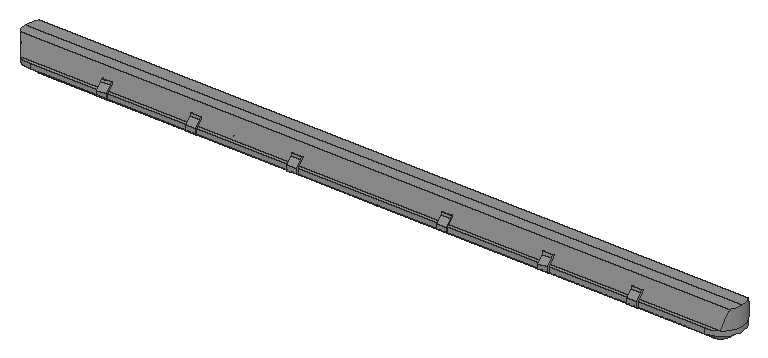
Revit family "ДСП-01 60 Вт 1500", category Осветительные приборы, Revit 2019 (continued)
Types (2, lengths in mm): name | Файл фотометрической сетки | built-in parameter 1150142 | built-in parameter 1150134 | built-in parameter 1150107 | Артикул | URL
  ДСП-01-ПП-60-1500-5К-IP65 | "INNOLUX 14 734 DSP-01-PP-60-1500-5K-IP65.ies" | "IESNA: LM-63-1995\r\n[TEST] lab - arhilight 1912726\r\n[MANUFAC] INNOLUX\r\n [LUMCAT] 14 734\r\n[LUMINAIRE] DSP-01-PP-60-1500-5Ê-IP65\r\n[LAMPCAT] LED 60W 5000K\r\n[MORE] \r\n[MORE]\r\n[LAMPCAT]\r\n[LAMP]  \r\n[BALLAST] NO\r\n[_PRODUCTGROUP] \r\n[_INFOLINK] This file is created by A.Arkhipov (www.arhilight.ru)\r\nTILT=NONE\r\n \r\n1 6771 6.7 161 73 1 2 1.49 0.095 0.075\r\n 1  1 60.0\r\n\r\n0 1 2 3 4 5 6 7 8 9 10 11 12 13 14 15 16 17 18 19 20 21 22 23 24 25 26 27 28 29 30 31 32 33 34 35 36 37 38 39 40 41 42 43 44 45 46 47 48 49 50 51 52 53 54 55 56 57 58 59 60 61 62 63 64 65 66 67 68 69 70 71 72 73 74 75 76 77 78 79 80 81 82 83 84 85 86 87 88 89 90 91 92 93 94 95 96 97 98 99 100 101 102 103 104 105 106 107 108 109 110 111 112 113 114 115 116 117 118 119 120 121 122 123 124 125 126 127 128 129 130 131 132 133 134 135 136 137 138 139 140 141 142 143 144 145 146 147 148 149 150 151 152 153 154 155 156 157 158 159 160\r\n\r\n0 2.5 5 7.5 10 12.5 15 17.5 20 22.5 25 27.5 30 32.5 35 37.5 40 42.5 45 47.5 50 52.5 55 57.5 60 62.5 65 67.5 70 72.5 75 77.5 80 82.5 85 87.5 90 92.5 95 97.5 100 102.5 105 107.5 110 112.5 115 117.5 120 122.5 125 127.5 130 132.5 135 137.5 140 142.5 145 147.5 150 152.5 155 157.5 160 162.5 165 167.5 170 172.5 175 177.5 180 \r\n\r\n292.3 292.5 292.5 292.5 292.3 292 291.6 291.2 290.6 289.9 289.1 288.3 287.3 286.1 284.9 283.6 282.2 280.7 279 277.4 275.5 273.6 271.6 269.5 267.4 265.1 262.7 260.3 257.6 255 252.3 249.4 246.5 243.5 240.5 237.2 234 230.7 227.4 223.8 220.3 216.6 213 209.1 205.4 201.4 197.4 193.4 189.4 185.2 181 176.7 172.3 167.9 163.4 158.8 154.2 149.5 144.9 140 135.3 130.4 125.6 120.7 115.8 110.8 105.8 100.8 95.7 90.5 85.5 80.3 75.2 70.1 65 59.9 55 49.9 45.1 40.3 35.6 31.1 26.7 22.7 18.9 15.4 12.3 9.6 7.4 5.9 4.9 4.4 4.2 4.2 4.2 4.1 4 4 3.9 3.9 3.9 3.9 3.9 3.8 3.8 3.8 3.8 3.7 3.7 3.7 3.7 3.6 3.6 3.6 3.6 3.6 3.6 3.6 3.6 3.6 3.6 3.5 3.5 3.5 3.5 3.6 3.5 3.6 3.6 3.6 3.6 3.6 3.6 3.6 3.6 3.6 3.6 3.7 3.7 3.7 3.7 3.7 3.7 3.8 3.7 3.8 3.8 3.8 3.8 3.8 0 0 0 0 0 0 0 0 0 0 0\r\n292.2 292.4 292.4 292.4 292.2 292 291.6 291.2 290.6 289.9 289.1 288.3 287.2 286.1 284.9 283.6 282.2 280.7 279 277.3 275.5 273.6 271.6 269.5 267.3 265 262.6 260.2 257.6 255 252.2 249.3 246.4 243.4 240.3 237.1 233.9 230.6 227.2 223.7 220.2 216.5 212.8 209 205.2 201.2 197.3 193.2 189.1 184.9 180.7 176.4 172.1 167.6 163.1 158.4 153.9 149.1 144.4 139.6 134.8 129.9 125.1 120.1 115.2 110.2 105.2 100.1 95 89.8 84.7 79.5 74.4 69.2 64.2 59.1 54.1 49.1 44.3 39.5 34.8 30.3 26 21.9 18.2 14.7 11.7 9.1 7.1 5.7 4.8 4.3 4.1 4.1 4 4 3.9 3.9 3.8 3.8 3.8 3.8 3.7 3.7 3.7 3.7 3.6 3.6 3.6 3.6 3.6 3.5 3.5 3.5 3.5 3.5 3.5 3.5 3.5 3.5 3.5 3.5 3.5 3.5 3.5 3.5 3.5 3.6 3.6 3.6 3.6 3.7 3.7 3.7 3.7 3.7 3.7 3.7 3.7 3.8 3.8 1.8 1.9 1.9 1.9 1.9 1.9 1.9 1.9 1.9 0 0 0 0 0 0 0 0 0 0 0\r\n292.1 292.2 292.3 292.3 292.2 292 291.6 291.2 290.6 289.9 289.1 288.2 287.2 286.1 284.9 283.6 282.2 280.7 279 277.3 275.5 273.6 271.6 269.5 267.3 265 262.6 260.2 257.6 254.9 252.1 249.3 246.3 243.3 240.2 237 233.8 230.5 227.1 223.6 220 216.4 212.7 208.8 205 201 197.1 193 188.9 184.7 180.4 176.1 171.8 167.3 162.8 158.1 153.5 148.8 144 139.2 134.4 129.4 124.6 119.6 114.7 109.5 104.5 99.4 94.3 89.1 84 78.7 73.5 68.4 63.4 58.2 53.2 48.2 43.4 38.7 34 29.6 25.2 21.1 17.4 14.1 11.1 8.7 6.8 5.5 4.7 4.2 4 3.9 3.9 3.9 3.8 3.8 3.7 3.7 3.7 3.6 3.6 3.6 3.6 3.5 3.5 3.5 3.5 3.5 3.5 3.4 3.5 3.4 3.4 3.4 3.4 3.5 3.4 3.5 3.4 3.5 3.5 3.5 3.5 3.5 3.6 3.6 3.6 3.6 3.6 3.7 3.7 3.7 3.7 3.7 3.8 3.8 3.8 3.8 3.8 0 0 0 0 0 0 0 0 0 0 0 0 0 0 0 0 0 0 0 0\r\n292 292.2 292.3 292.3 292.3 292 291.6 291.2 290.7 290 289.3 288.4 287.5 286.4 285.2 283.9 282.5 281 279.4 277.7 275.9 274 272 269.9 267.7 265.5 263.1 260.7 258 255.4 252.7 249.9 246.9 244 240.9 237.7 234.5 231.1 227.8 224.3 220.7 217.1 213.4 209.5 205.7 201.7 197.7 193.6 189.5 185.3 181.1 176.7 172.4 167.8 163.3 158.7 154.1 149.4 144.7 139.8 135 130.1 125.2 120.1 115.2 110.1 105 99.9 94.8 89.6 84.4 79.2 74.1 69 63.9 58.8 53.9 48.9 44.2 39.4 34.8 30.4 26.2 22.2 18.6 15.3 12.4 10 8.1 6.7 5.6 5 4.5 4.3 4.1 4 3.9 3.8 3.8 3.7 3.7 3.7 3.6 3.6 3.6 3.6 3.6 3.5 3.5 3.5 3.5 3.4 3.5 3.4 3.5 3.4 3.4 3.5 3.4 3.5 3.5 3.5 3.5 3.5 3.5 3.5 3.5 3.6 3.6 3.6 3.6 3.6 3.7 3.7 3.7 3.7 3.7 1.9 1.9 1.9 1.9 0 0 0 0 0 0 0 0 0 0 0 0 0 0 0 0 0 0 0 0\r\n292 292.1 292.4 292.3 292.3 292 291.7 291.3 290.7 290.2 289.4 288.6 287.7 286.6 285.5 284.2 282.7 281.3 279.7 278.1 276.3 274.4 272.5 270.4 268.2 266 263.6 261.2 258.5 256 253.3 250.5 247.6 244.6 241.6 238.4 235.2 231.8 228.4 224.9 221.4 217.7 214 210.2 206.4 202.4 198.4 194.3 190.2 185.9 181.7 177.3 173 168.4 163.9 159.3 154.7 150 145.3 140.4 135.6 130.7 125.8 120.7 115.8 110.6 105.5 100.4 95.2 90.1 84.9 79.8 74.7 69.5 64.5 59.4 54.6 49.6 44.9 40.2 35.6 31.3 27.1 23.3 19.7 16.5 13.7 11.3 9.4 7.8 6.6 5.7 5.1 4.6 4.3 4.1 3.9 3.9 3.8 3.8 3.8 3.7 3.7 3.6 3.6 3.6 3.6 3.6 3.6 3.6 3.5 3.5 3.5 3.5 3.5 3.5 3.5 3.5 3.4 3.5 3.5 3.5 3.4 3.5 3.5 3.5 3.5 3.6 3.6 3.5 3.6 3.6 3.6 3.6 3.6 3.7 3.6 0 0 0 0 0 0 0 0 0 0 0 0 0 0 0 0 0 0 0 0 0 0 0 0\r\n292 292.1 292.3 292.2 292.1 291.8 291.5 291 290.5 289.8 289.1 288.2 287.3 286.2 285 283.7 282.3 280.9 279.3 277.6 275.8 273.9 272 269.9 267.7 265.4 263.1 260.7 258 255.5 252.7 250 247 244.1 241 237.9 234.7 231.3 227.9 224.5 221 217.4 213.7 209.9 206.1 202.2 198.2 194.1 190.1 185.8 181.7 177.3 173 168.5 164.1 159.5 155 150.3 145.7 140.8 136.1 131.2 126.3 121.4 116.6 111.5 106.5 101.5 96.5 91.3 86.3 81.2 76.2 71.1 66.2 61.2 56.4 51.6 47 42.4 38 33.8 29.8 26 22.5 19.4 16.6 14.2 12.1 10.4 9 7.8 6.9 6.1 5.5 5.1 4.8 4.5 4.3 4.2 4.1 4 4 4 3.9 3.9 3.9 3.8 3.8 3.8 3.8 3.7 3.8 3.7 3.7 3.7 3.7 3.7 3.7 3.6 3.7 3.7 3.6 3.7 3.7 3.7 3.7 3.7 3.7 3.7 3.7 3.7 3.8 3.7 3.8 3.8 3.8 1.9 1.9 1.9 1.9 1.9 1.9 1.9 1.9 1.9 1.9 1.9 0 0 0 0 0 0 0 0 0 0 0 0 0\r\n291.9 292.1 292.1 292.1 291.9 291.7 291.3 290.8 290.3 289.5 288.8 287.9 286.9 285.8 284.6 283.3 281.9 280.4 278.8 277.1 275.3 273.4 271.5 269.3 267.2 264.9 262.5 260.1 257.6 254.9 252.2 249.4 246.5 243.6 240.4 237.3 234.1 230.8 227.5 224 220.6 217 213.4 209.6 205.8 201.9 198 193.9 189.9 185.7 181.6 177.4 173.1 168.7 164.3 159.8 155.3 150.6 146 141.2 136.5 131.7 126.9 122.1 117.3 112.4 107.6 102.6 97.7 92.6 87.7 82.6 77.7 72.7 67.8 62.9 58.3 53.6 49.1 44.7 40.4 36.4 32.4 28.8 25.4 22.3 19.5 17.1 14.8 12.9 11.3 9.9 8.7 7.7 6.8 6.1 5.6 5.1 4.8 4.5 4.4 4.3 4.3 4.3 4.2 4.2 4.1 4.1 4.1 4.1 4.1 4 4 4 3.9 4 3.9 3.9 3.9 3.8 3.9 3.9 3.9 3.9 3.9 3.8 3.9 3.9 3.9 3.9 3.9 3.8 3.9 3.9 3.9 3.9 3.9 3.9 3.8 3.8 3.8 3.8 3.8 3.8 3.8 3.9 3.9 3.9 0 0 0 0 0 0 0 0 0 0 0 0 0\r\n291.9 292.1 292.1 292 291.9 291.6 291.2 290.8 290.2 289.5 288.7 287.8 286.8 285.7 284.5 283.2 281.8 280.3 278.7 277.1 275.3 273.4 271.4 269.3 267.1 264.9 262.5 260.1 257.5 254.9 252.2 249.4 246.5 243.6 240.4 237.3 234.1 230.8 227.4 224 220.6 217 213.4 209.7 205.9 202 198.1 194.1 190.1 185.9 181.8 177.4 173.2 168.8 164.5 159.9 155.5 150.8 146.3 141.5 136.8 132 127.2 122.4 117.7 112.8 108 103.1 98.3 93.3 88.5 83.6 78.7 73.8 69 64.3 59.7 55.1 50.7 46.4 42.2 38.3 34.5 30.9 27.6 24.6 21.8 19.3 17.1 15.1 13.3 11.8 10.4 9.2 8.2 7.4 6.7 6 5.6 5.2 4.9 4.7 4.5 4.4 4.3 4.3 4.2 4.2 4.2 4.2 4.1 4.1 4.1 4 4 4 4 4 4 3.9 3.9 3.9 3.9 3.9 3.9 3.9 3.9 3.9 3.9 3.9 3.9 3.9 3.9 3.9 3.9 3.8 3.8 3.8 3.8 3.8 3.8 3.8 3.8 3.8 3.8 3.8 3.8 3.8 1.9 1.9 1.9 1.9 0 0 0 0 0 0 0 0 0\r\n291.9 292 292.1 292 291.8 291.6 291.2 290.8 290.1 289.5 288.7 287.8 286.8 285.6 284.4 283.1 281.7 280.3 278.7 277 275.2 273.3 271.3 269.3 267.1 264.8 262.5 260.1 257.5 254.9 252.2 249.4 246.5 243.6 240.5 237.3 234.1 230.8 227.4 224 220.5 217 213.4 209.7 206 202.1 198.2 194.2 190.2 186 181.9 177.5 173.3 168.9 164.6 160.1 155.7 151 146.5 141.8 137.1 132.3 127.6 122.7 118 113.2 108.4 103.6 98.9 94 89.3 84.5 79.7 74.9 70.3 65.6 61.2 56.6 52.3 48.1 44.1 40.2 36.6 33.1 29.8 26.9 24.1 21.6 19.3 17.3 15.3 13.6 12.1 10.8 9.6 8.7 7.8 7 6.4 5.8 5.4 5 4.7 4.5 4.5 4.4 4.4 4.3 4.3 4.3 4.2 4.2 4.2 4.1 4.1 4.1 4.1 4.1 4 4 4 4 4 4 4 4 4 3.9 4 3.9 3.9 3.9 3.9 3.9 3.8 3.8 3.8 3.8 3.8 3.8 3.8 3.8 3.8 3.8 3.8 3.8 3.8 3.8 3.8 3.8 3.8 3.9 0 0 0 0 0 0 0 0 0\r\n291.8 292 292.1 292 291.8 291.6 291.2 290.8 290.2 289.5 288.7 287.9 286.9 285.8 284.7 283.4 282 280.5 278.9 277.3 275.5 273.6 271.7 269.7 267.6 265.3 263 260.6 258.1 255.5 252.7 249.9 247.1 244.1 241.1 237.9 234.8 231.4 228.1 224.6 221.2 217.6 214 210.2 206.5 202.6 198.7 194.7 190.7 186.5 182.3 178 173.8 169.4 165 160.5 156.1 151.5 147 142.3 137.6 132.9 128.2 123.4 118.7 113.9 109.2 104.4 99.7 94.9 90.2 85.5 80.9 76.2 71.7 67.1 62.8 58.5 54.3 50.3 46.3 42.7 39.1 35.8 32.6 29.8 27 24.5 22.1 20 18 16.2 14.6 13.1 11.8 10.7 9.6 8.7 7.9 7.2 6.5 6 5.5 5.2 4.9 4.7 4.5 4.4 4.4 4.3 4.3 4.3 4.2 4.2 4.2 4.1 4.1 4.1 4.1 4.1 4.1 4.1 4.1 4.1 4 4 4.1 4 4.1 4.1 4.1 4.1 4 4.1 4 4 4 4.1 4 4 4.1 4 4.1 4.1 4.1 4.1 4.1 4.1 4.1 4.1 4.1 4.1 2.2 2.2 2.2 2.2 2.2 2.2 2.2 0 0\r\n291.8 291.9 292 292 291.8 291.6 291.2 290.8 290.2 289.6 288.8 288 287.1 286 284.9 283.6 282.2 280.8 279.2 277.5 275.8 273.9 272.1 270.1 268 265.9 263.5 261.2 258.6 256.1 253.3 250.5 247.7 244.7 241.7 238.5 235.4 232.1 228.8 225.3 221.8 218.2 214.6 210.8 207 203.1 199.2 195.1 191.1 186.9 182.8 178.5 174.2 169.8 165.5 161 156.6 152 147.4 142.8 138.2 133.4 128.8 124 119.3 114.6 109.9 105.2 100.5 95.8 91.2 86.5 82 77.4 73.1 68.6 64.5 60.3 56.3 52.4 48.6 45.1 41.7 38.5 35.5 32.6 29.9 27.3 24.9 22.7 20.7 18.8 17 15.4 14 12.7 11.4 10.3 9.4 8.5 7.7 7 6.4 5.8 5.3 4.9 4.7 4.5 4.4 4.4 4.3 4.3 4.3 4.3 4.2 4.2 4.2 4.2 4.2 4.2 4.2 4.2 4.1 4.2 4.1 4.1 4.2 4.2 4.2 4.2 4.2 4.2 4.2 4.3 4.2 4.3 4.3 4.3 4.3 4.3 4.3 4.3 4.3 4.3 4.4 4.3 4.4 4.4 4.4 4.4 4.4 4.4 4.4 4.4 4.4 4.4 4.4 4.4 4.4 0 0\r\n291.8 291.9 292 291.9 291.8 291.6 291.2 290.8 290.3 289.7 288.9 288.1 287.2 286.1 285 283.8 282.4 281 279.4 277.8 276 274.2 272.3 270.3 268.2 266.1 263.8 261.4 258.9 256.4 253.6 250.9 248 245.1 242.1 239 235.9 232.6 229.3 225.9 222.4 218.8 215.2 211.4 207.7 203.8 200 195.9 191.9 187.8 183.6 179.4 175.1 170.8 166.4 162 157.6 153 148.5 143.9 139.4 134.7 130.1 125.5 120.8 116.2 111.6 106.9 102.4 97.7 93.2 88.6 84.2 79.8 75.5 71.2 67.1 63 59 55.2 51.5 48 44.6 41.5 38.4 35.6 32.8 30.2 27.7 25.5 23.3 21.3 19.5 17.8 16.2 14.8 13.4 12.2 11.1 10.1 9.2 8.4 7.6 7 6.3 5.8 5.4 5 4.8 4.7 4.5 4.5 4.5 4.5 4.4 4.4 4.4 4.4 4.4 4.4 4.3 4.3 4.3 4.3 4.3 4.3 4.3 4.3 4.3 4.3 4.3 4.3 4.3 4.4 4.4 4.4 4.4 4.4 4.4 4.4 4.4 4.4 4.4 4.4 4.4 4.4 4.5 4.5 4.4 4.5 4.5 4.5 4.5 4.5 4.5 2.2 2.2 2.2 2.2 0 0\r\n291.7 291.9 292 291.9 291.7 291.5 291.2 290.8 290.3 289.7 289 288.2 287.3 286.3 285.1 283.9 282.6 281.1 279.6 278 276.3 274.5 272.5 270.6 268.4 266.3 264 261.6 259.1 256.6 253.9 251.2 248.4 245.5 242.5 239.4 236.4 233.1 229.8 226.4 223 219.4 215.8 212.1 208.4 204.5 200.7 196.7 192.7 188.6 184.5 180.3 176 171.7 167.4 163 158.6 154.1 149.7 145.1 140.6 136 131.5 126.9 122.4 117.8 113.3 108.7 104.2 99.6 95.2 90.8 86.4 82.1 77.9 73.7 69.7 65.6 61.8 58 54.4 50.9 47.6 44.4 41.4 38.5 35.7 33.1 30.6 28.3 26 23.9 22 20.2 18.4 16.9 15.4 14.1 12.8 11.8 10.7 9.7 8.9 8.1 7.4 6.7 6.1 5.6 5.3 4.9 4.8 4.8 4.7 4.7 4.7 4.6 4.6 4.6 4.5 4.5 4.5 4.5 4.4 4.4 4.4 4.4 4.4 4.4 4.4 4.4 4.4 4.4 4.5 4.5 4.5 4.5 4.5 4.5 4.5 4.5 4.5 4.5 4.5 4.5 4.5 4.5 4.5 4.5 4.5 4.6 4.6 4.5 4.6 4.6 4.6 0 0 0 0 0 0\r\n291.8 291.9 292 291.9 291.7 291.5 291.1 290.7 290.2 289.6 288.8 288 287 286 284.9 283.7 282.3 280.9 279.3 277.7 275.9 274.2 272.2 270.2 268.1 265.9 263.6 261.3 258.8 256.2 253.5 250.8 248 245.1 242.1 239 235.9 232.6 229.3 225.9 222.5 218.9 215.3 211.5 207.8 204 200.1 196.1 192.1 188 184 179.7 175.5 171.2 167 162.6 158.3 153.8 149.4 144.9 140.5 136 131.6 127 122.6 118.1 113.6 109.1 104.8 100.3 96 91.7 87.4 83.2 79.2 75.1 71.2 67.2 63.5 59.8 56.3 52.9 49.7 46.6 43.5 40.7 37.9 35.3 32.8 30.5 28.2 26.1 24.1 22.2 20.5 18.8 17.3 15.9 14.5 13.3 12.2 11.1 10.1 9.3 8.4 7.7 6.9 6.3 5.8 5.4 5 4.9 4.7 4.6 4.6 4.6 4.6 4.5 4.5 4.5 4.4 4.4 4.4 4.4 4.4 4.3 4.3 4.4 4.3 4.3 4.3 4.4 4.4 4.4 4.4 4.4 4.4 4.4 4.5 4.4 4.5 4.4 4.5 4.4 4.5 4.5 4.5 4.5 4.5 4.5 4.5 4.5 4.6 4.5 4.6 2.2 2.2 2.2 2.2 2.2 2.3\r\n291.8 291.9 292 291.9 291.7 291.4 291 290.5 290 289.4 288.6 287.8 286.8 285.8 284.6 283.4 282 280.6 279 277.4 275.6 273.8 271.9 269.9 267.8 265.6 263.3 260.9 258.4 255.9 253.2 250.4 247.6 244.6 241.6 238.5 235.4 232 228.8 225.3 221.9 218.3 214.7 211 207.2 203.4 199.5 195.5 191.6 187.5 183.4 179.2 175.1 170.8 166.5 162.3 157.9 153.5 149.2 144.8 140.5 136 131.6 127.2 122.8 118.4 114 109.6 105.3 101 96.8 92.6 88.5 84.4 80.4 76.4 72.6 68.8 65.2 61.6 58.2 54.9 51.8 48.7 45.7 42.9 40.1 37.5 35 32.7 30.4 28.3 26.2 24.3 22.5 20.8 19.2 17.6 16.2 14.9 13.7 12.5 11.4 10.4 9.5 8.6 7.8 7 6.4 5.8 5.3 4.9 4.7 4.6 4.5 4.5 4.5 4.5 4.4 4.4 4.4 4.4 4.3 4.3 4.3 4.3 4.3 4.3 4.3 4.3 4.3 4.3 4.3 4.4 4.3 4.3 4.4 4.4 4.4 4.4 4.4 4.4 4.4 4.4 4.4 4.4 4.4 4.5 4.5 4.4 4.5 4.5 4.5 4.5 4.5 4.5 4.5 4.5 4.5 4.5 4.5\r\n291.7 291.9 291.9 291.8 291.6 291.4 291 290.5 289.9 289.3 288.6 287.7 286.7 285.7 284.5 283.3 281.9 280.5 278.9 277.3 275.5 273.7 271.8 269.8 267.7 265.6 263.2 260.8 258.3 255.8 253.1 250.4 247.5 244.6 241.6 238.5 235.4 232.1 228.8 225.4 222 218.4 214.9 211.1 207.4 203.6 199.8 195.8 191.9 187.8 183.8 179.6 175.5 171.3 167.1 162.8 158.6 154.2 149.9 145.6 141.3 136.9 132.6 128.2 123.9 119.5 115.2 110.9 106.7 102.5 98.3 94.2 90.1 86.1 82.2 78.3 74.6 70.9 67.4 63.9 60.5 57.3 54.1 51.1 48.1 45.3 42.6 40 37.5 35.1 32.8 30.6 28.5 26.5 24.6 22.9 21.2 19.6 18.1 16.7 15.4 14.1 13 11.9 10.9 9.9 9 8.1 7.3 6.7 6 5.6 5.2 5 4.8 4.7 4.7 4.6 4.6 4.6 4.5 4.5 4.5 4.5 4.5 4.4 4.4 4.5 4.5 4.4 4.4 4.5 4.5 4.5 4.5 4.5 4.5 4.5 4.5 4.5 4.6 4.5 4.6 4.5 4.6 4.6 4.5 4.6 4.6 4.6 4.6 4.6 4.6 4.6 4.6 4.6 4.6 4.6 4.6 4.6 4.6\r\n291.7 291.8 291.8 291.7 291.6 291.3 291 290.4 289.8 289.3 288.5 287.6 286.6 285.6 284.4 283.2 281.8 280.4 278.8 277.2 275.5 273.7 271.8 269.8 267.6 265.5 263.1 260.7 258.3 255.7 253 250.3 247.5 244.6 241.6 238.5 235.4 232.1 228.9 225.5 222 218.4 215 211.3 207.6 203.8 200 196.1 192.2 188.2 184.2 180.1 176 171.8 167.7 163.4 159.2 154.9 150.7 146.3 142.1 137.8 133.5 129.2 124.9 120.6 116.4 112.2 108.1 104 99.9 95.8 91.8 87.9 84 80.2 76.6 73 69.5 66.1 62.7 59.6 56.4 53.5 50.5 47.7 45 42.4 39.9 37.5 35.1 32.9 30.8 28.8 26.8 25 23.2 21.5 20 18.5 17.1 15.8 14.5 13.4 12.3 11.3 10.3 9.3 8.3 7.5 6.8 6.2 5.7 5.3 5.1 4.9 4.8 4.8 4.8 4.7 4.7 4.7 4.6 4.6 4.6 4.6 4.6 4.6 4.6 4.6 4.6 4.6 4.6 4.7 4.6 4.6 4.7 4.7 4.7 4.7 4.7 4.7 4.7 4.7 4.7 4.7 4.7 4.7 4.7 4.7 4.7 4.7 4.7 4.7 4.7 4.7 4.8 4.7 4.7 4.7 4.7\r\n291.7 291.8 291.8 291.7 291.5 291.3 290.9 290.4 289.8 289.2 288.4 287.6 286.6 285.6 284.4 283.2 281.8 280.4 278.9 277.3 275.6 273.8 271.9 269.9 267.7 265.6 263.3 260.9 258.4 255.9 253.2 250.5 247.7 244.8 241.8 238.7 235.6 232.3 229.1 225.7 222.3 218.7 215.2 211.5 207.8 204.1 200.3 196.4 192.6 188.6 184.6 180.5 176.5 172.4 168.3 164.1 159.9 155.7 151.5 147.2 143.1 138.8 134.6 130.3 126.2 122 117.8 113.7 109.6 105.5 101.6 97.5 93.6 89.8 86 82.3 78.7 75.2 71.8 68.4 65.1 62 58.8 55.9 52.9 50.1 47.4 44.8 42.2 39.8 37.4 35.2 33 31 28.9 27.1 25.2 23.5 21.9 20.3 18.9 17.5 16.1 14.9 13.7 12.6 11.6 10.5 9.5 8.6 7.8 7 6.4 5.9 5.5 5.2 5 4.9 4.8 4.8 4.7 4.7 4.7 4.7 4.7 4.6 4.6 4.6 4.6 4.6 4.6 4.6 4.7 4.7 4.7 4.7 4.7 4.7 4.7 4.7 4.7 4.7 4.7 4.7 4.7 4.7 4.7 4.7 4.7 4.7 4.7 4.7 4.7 4.7 4.7 4.7 4.7 4.7 4.7 4.7 4.7\r\n291.7 291.7 291.8 291.7 291.5 291.3 290.9 290.4 289.8 289.2 288.4 287.6 286.6 285.6 284.4 283.2 281.9 280.5 279 277.4 275.6 273.9 271.9 270 267.8 265.7 263.4 261 258.5 256.1 253.4 250.7 247.9 245 242 238.9 235.8 232.6 229.3 226 222.5 219 215.5 211.8 208.1 204.3 200.6 196.7 192.9 189 185.1 181 177.1 173 168.9 164.8 160.6 156.5 152.4 148.1 144 139.8 135.7 131.5 127.4 123.3 119.2 115.1 111.2 107.1 103.2 99.2 95.5 91.7 88 84.4 80.9 77.3 74 70.7 67.4 64.3 61.2 58.3 55.3 52.5 49.8 47.2 44.6 42.2 39.8 37.5 35.3 33.2 31.1 29.2 27.3 25.5 23.8 22.2 20.6 19.2 17.8 16.4 15.2 14 12.9 11.8 10.8 9.7 8.7 7.9 7.1 6.5 5.9 5.4 5.1 4.9 4.8 4.8 4.8 4.8 4.7 4.7 4.7 4.6 4.6 4.7 4.7 4.6 4.7 4.6 4.7 4.7 4.7 4.7 4.6 4.7 4.6 4.7 4.7 4.7 4.7 4.7 4.7 4.7 4.7 4.7 4.7 4.7 4.7 4.7 4.7 4.7 4.7 4.7 4.7 4.7 4.7
